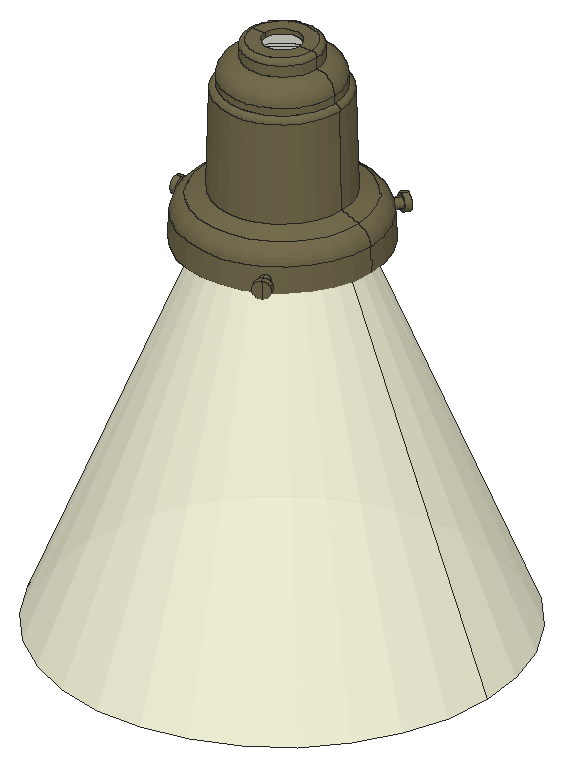
Revit family "S2KT6 SHADE", category Lighting Fixtures, Revit 2024
Family settings
  Round Connector Dimension = Use Diameter
  Part Type = Normal
  OmniClass Number = 23.80.70.00
  OmniClass Title = Lighting
  Work Plane-Based = No
  Always vertical = Yes
  Cut with Voids When Loaded = No
  Light Source = Yes
  Maintain Annotation Orientation = No
  Shared = No
  Room Calculation Point = No
Parameters
  Wattage = 12.1178 W
  built-in parameter 1150110 = 1 (stored number, unit not read)
  built-in parameter 1114217 = 1 (stored number, unit not read)
  built-in parameter 1150109 = 1 (stored number, unit not read)
  built-in parameter 1150134 = (empty or 0)
  built-in parameter 1150113 = 1 (stored number, unit not read)
  Lumens = 1800 lm
  built-in parameter 1150115 = 1 (stored number, unit not read)
  built-in parameter 1150105 = 572.96 (stored number, unit not read)
  Light Source Symbol Size = 2' - 0"
  built-in parameter 1150137 = (empty or 0)
  built-in parameter 1150139 = (empty or 0)
  built-in parameter 1150112 = 1 (stored number, unit not read)
  built-in parameter 1150114 = 1 (stored number, unit not read)
  built-in parameter 1150132 = 2
  built-in parameter 1150102 = (empty or 0)
  built-in parameter 1150138 = (empty or 0)
  built-in parameter 1150107 = 3000 (stored number, unit not read)
  built-in parameter 1150106 = 5.7296 (stored number, unit not read)
  built-in parameter 1150104 = 13.8 (stored number, unit not read)
  Dimming Lamp Color Temperature Shift = (empty or 0)
  Default Elevation = 0' - 0"
  Color Filter = 16777215
  built-in parameter 1114218 = 1 (stored number, unit not read)
  built-in parameter 1150133 = 10 (stored number, unit not read)
Reference planes (in)
  plane 1 "Light Source Axis (F/B)": y = 0
  plane 2: z = 0
  plane 3 "Light Source Axis (L/R)": x = 0
  plane 4 "Light Source Elevation": z = 84
Forms (in)
  Revolve 1, solid
    sketch origin (0, 0, 2.70764) x (1, 0, 0) y (0, 0, 1)
      loop
        line (-0.25, 88.89486) -> (-0.43, 88.89486)
        arc (-0.43, 88.89486) -> (-0.4795, 88.87436) -> (-0.5, 88.82486) r 0.07
        line (-0.5, 88.82486) -> (-0.5, 88.68486)
        arc (-0.5, 88.68486) -> (-0.68708, 88.60737) -> (-0.76457, 88.42029) r 0.26457
        line (-0.76457, 88.42029) -> (-0.76457, 88.32449)
        arc (-0.76457, 88.32449) -> (-0.81932, 88.30181) -> (-0.842, 88.24706) r 0.07743
        line (-0.842, 88.24706) -> (-0.875, 86.96486) -> (-1.12093, 86.87535)
        arc (-1.12093, 86.87535) -> (-1.24281, 86.78351) -> (-1.2925, 86.6392) r 0.261
        line (-1.2925, 86.6392) -> (-1.30461, 86.29236) -> (-1.24207, 86.29236) -> (-1.23004, 86.63702)
        arc (-1.23004, 86.63702) -> (-1.19225, 86.74677) -> (-1.09955, 86.81662) r 0.1985
        line (-1.09955, 86.81662) -> (-0.81362, 86.92069) -> (-0.77952, 88.24546)
        arc (-0.77952, 88.24546) -> (-0.72476, 88.26814) -> (-0.70207, 88.3229) r 0.07745
        line (-0.70207, 88.3229) -> (-0.70207, 88.42029)
        arc (-0.70207, 88.42029) -> (-0.61875, 88.58379) -> (-0.4375, 88.61246) r 0.20207
        line (-0.4375, 88.61246) -> (-0.4375, 88.83236) -> (-0.25, 88.83236) -> (-0.25, 88.89486)
      axis (0, 88.89486) -> (0, 86.29236)
    angle from 0 to 360
  Revolve 2, solid
    sketch origin (0, 0, 2.70764) x (1, 0, 0) y (0, 0, 1)
      loop
        line (-1.54717, 86.46501) -> (-1.30016, 86.46501) -> (-1.30016, 86.53518) -> (-1.46388, 86.53518) -> (-1.46388, 86.58194) -> (-1.54717, 86.58194) -> (-1.54717, 86.46501)
      axis (-1.30016, 86.46501) -> (-1.54717, 86.46501)
    angle from 0 to 360
  Revolve 3, solid
    sketch origin (0, 0, 2.70764) x (-0.5, -0.866025, 0) y (0, 0, 1)
      loop
        line (-1.54717, 86.46501) -> (-1.30016, 86.46501) -> (-1.30016, 86.53518) -> (-1.46388, 86.53518) -> (-1.46388, 86.58194) -> (-1.54717, 86.58194) -> (-1.54717, 86.46501)
      axis (-1.30016, 86.46501) -> (-1.54717, 86.46501)
    angle from 0 to 360
  Revolve 4, solid
    sketch origin (0, 0, 2.70764) x (-0.5, 0.866025, 0) y (0, 0, 1)
      loop
        line (-1.54717, 86.46501) -> (-1.30016, 86.46501) -> (-1.30016, 86.53518) -> (-1.46388, 86.53518) -> (-1.46388, 86.58194) -> (-1.54717, 86.58194) -> (-1.54717, 86.46501)
      axis (-1.30016, 86.46501) -> (-1.54717, 86.46501)
    angle from 0 to 360
  Revolve 5, solid
    sketch origin (0, 0, 0) x (1, 0, 0) y (0, 0, 1)
      loop
        line (-0.94396, 89) -> (-3, 84) -> (-2.89863, 84) -> (-0.85726, 88.96435) -> (-0.8426, 89) -> (-0.94396, 89)
      axis (0, 89) -> (0, 84)
    angle from 0 to 360
Dimensions and locks (in)
  aligned and locked: plane 3 "Light Source Axis (L/R)" to imposter light
  aligned and locked: plane 1 "Light Source Axis (F/B)" to imposter light
  aligned and locked: plane 4 "Light Source Elevation" to imposter light
  aligned and locked: level to plane 2
